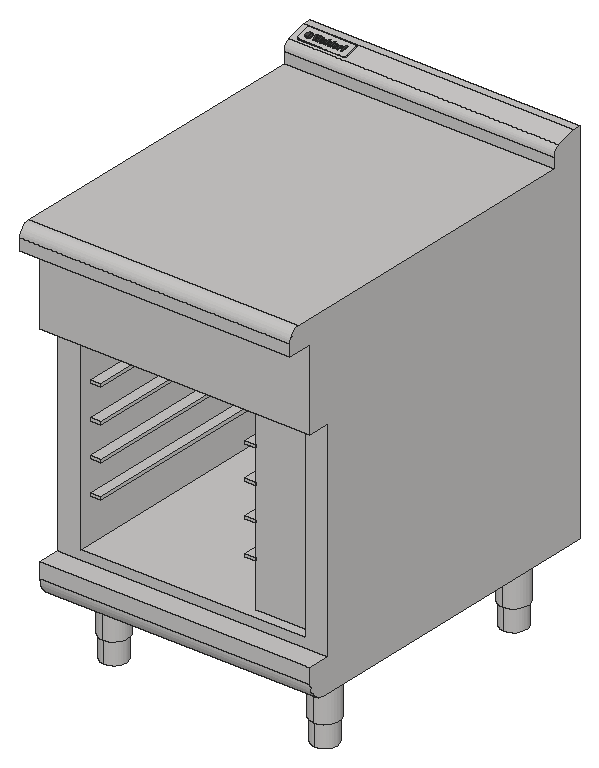
Revit family "QF_MOFFAT WALDORF_BTL8600-CB", category Specialty Equipment, Revit 2012
Parameters
  Weight in Pounds = 130.0726  # constant formula
  Width [instance] = 600.00 mm  # constant formula
  URL Cutsheet = "www.moffat.com"
  URL = "www.moffat.com"
  Type Mark [instance] = ""
  Status [instance] = ""
  Specification by User [instance] = ""
  Specification by Manufacturer = ""
  Show Logo [instance] = yes
  Show Casters [instance] = no
  Serial Number = ""
  Seismic Rating = ""
  SMACNA No = ""
  Revision Code [instance] = ""
  Omniclass Number and Title = ""
  NAFEM Spec ID Number = ""
  Model = "BTL8600-CB"
  Masterspec = ""
  Manufacturer = "MOFFAT WALDORF"
  Legs [instance] = not(Show Casters)  # yes
  Item Number [instance] = ""
  Installed By [instance] = ""
  Identify Quantity as Lot [instance] = yes
  Height = 972.00 mm  # constant formula
  Furnished By [instance] = ""
  Foodservice Equipment Identifier [instance] = yes
  Description = "BENCH TOP LOW SPLASHBACK ON CABINET BASE"
  Depth [instance] = 805.00 mm  # constant formula
  CSI MasterFormat = ""
  CSI Master Format = ""
  Back Splash [instance] = 215.00 mm  # constant formula
Reference planes
  plane 1 "BACK": y = 0
  plane 2: z = 0
  plane 3 "LEFT": x = 0
  plane 4 "RIGHT": x = 600
  plane 5 "FRONT": y = -805
  plane 6 "TOP": z = 972
  plane 7 "Center Y": x = 300
  plane 8 "Center X": y = -402.5
  plane 9 "Base Height": z = 150
  plane 10: z = 915
  plane 11: x = 65
  plane 12: x = 534
  plane 13: y = -625
  plane 14: y = -100
Forms (mm)
  Extrusion 1, solid, material "QF_Finishes_Stainless Steel"
    sketch origin (0, 0, 0) x (0, 1, 0) y (0, 0, 1)
      loop
        line (-144, 222.5) -> (-749, 222.5) -> (-749, 188)
        arc (-749, 188) -> (-737.87, 161.13) -> (-711, 150) r 38
        line (-711, 150) -> (0, 150) -> (0, 972) -> (-16.5, 972) -> (-58, 960.88)
        arc (-58, 960.88) -> (-66.785, 952.095) -> (-70, 940.095) r 24
        line (-70, 940.095) -> (-70, 917) -> (-781, 917)
        arc (-781, 917) -> (-797.971, 909.971) -> (-805, 893) r 24
        line (-805, 893) -> (-805, 866) -> (-749, 866) -> (-749, 687) -> (-144, 687) -> (-144, 222.5)
    from 0 to 600
  Revolve 2, solid, material "QF_Finishes_Stainless Steel", visible <- "Legs"
    sketch origin (65, -165, 0) x (0, 1, 0) y (0, 0, 1)
      loop
        line (33.25, 150) -> (33.25, 50) -> (37.5, 50) -> (37.5, 0) -> (65, 0) -> (65, 150) -> (33.25, 150)
      axis (65, 150) -> (65, 0)
    angle from 0 to 360
  Revolve 3, solid, material "QF_Finishes_Stainless Steel"
    sketch origin (65, -735, 0) x (0, 1, 0) y (0, 0, 1)
      loop
        line (78.25, 150) -> (78.25, 50) -> (82.5, 50) -> (82.5, 0) -> (110, 0) -> (110, 150) -> (78.25, 150)
      axis (110, 150) -> (110, 0)
    angle from 0 to 360
  Revolve 4, solid, material "QF_Finishes_Stainless Steel", visible <- "Legs"
    sketch origin (534, -165, 0) x (0, 1, 0) y (0, 0, -1)
      loop
        line (33.25, -150) -> (65, -150) -> (65, 0) -> (37.5, 0) -> (37.5, -50) -> (33.25, -50) -> (33.25, -150)
      axis (65, -150) -> (65, 0)
    angle from 0 to 360
  Revolve 5, solid, material "QF_Finishes_Stainless Steel"
    sketch origin (534, -735, 0) x (0, 1, 0) y (0, 0, -1)
      loop
        line (78.25, -150) -> (110, -150) -> (110, 0) -> (82.5, 0) -> (82.5, -50) -> (78.25, -50) -> (78.25, -150)
      axis (110, -150) -> (110, 0)
    angle from 0 to 360
  Extrusion 6, solid, material "QF_Finishes_Stainless Steel"
    sketch origin (0, -70, 1085.255) x (0, 0, -1) y (1, 0, 0)
      loop
        line (400.255, 550) -> (400.255, 50) -> (842.755, 50) -> (842.755, 550) -> (400.255, 550)
      loop
        line (345.255, 0) -> (862.755, 0) -> (862.755, 600) -> (345.255, 600) -> (345.255, 0)
    from 0 to 629
  Extrusion 7, solid, material "QF_Finishes_Stainless Steel"
    sketch origin (0, -70, 1085.255) x (0, 0, -1) y (1, 0, 0)
      loop
        line (400.255, 419.5) -> (842.755, 419.5) -> (842.755, 550) -> (400.255, 550) -> (400.255, 419.5)
    from 579 to 604
  Extrusion 8, solid, material "QF_Finishes_Stainless Steel"
    sketch origin (0, -70, 1085.255) x (0, 0, -1) y (1, 0, 0)
      loop
        line (596.505, 419.19) -> (590.155, 419.19) -> (590.155, 394.19) -> (596.505, 394.19) -> (596.505, 419.19)
      loop
        line (671.505, 419.19) -> (665.155, 419.19) -> (665.155, 394.19) -> (671.505, 394.19) -> (671.505, 419.19)
      loop
        line (671.505, 50) -> (671.505, 75) -> (665.155, 75) -> (665.155, 50) -> (671.505, 50)
      loop
        line (590.155, 75) -> (590.155, 50) -> (596.505, 50) -> (596.505, 75) -> (590.155, 75)
      loop
        line (746.505, 419.19) -> (740.155, 419.19) -> (740.155, 394.19) -> (746.505, 394.19) -> (746.505, 419.19)
      loop
        line (746.505, 50) -> (746.505, 75) -> (740.155, 75) -> (740.155, 50) -> (746.505, 50)
      loop
        line (521.505, 419.19) -> (515.155, 419.19) -> (515.155, 394.19) -> (521.505, 394.19) -> (521.505, 419.19)
      loop
        line (515.155, 75) -> (515.155, 50) -> (521.505, 50) -> (521.505, 75) -> (515.155, 75)
    from 74 to 604
  Extrusion 9, void
    sketch origin (0, 0, 223) x (1, 0, 0) y (0, 1, 0)
      loop
        line (524, -87) -> (524, 0) -> (394, 0) -> (394, -39) -> (444, -87) -> (524, -87)
    from 0 to 476
Cuts and joins
  Extrusion 9 cuts Extrusion 1
  Extrusion 9 cuts Extrusion 6
  joined: Extrusion 1, Extrusion 6
  Extrusion 9 cuts Revolve 4
Lines and regions (mm)
  symbolic lines
    curve 1: line (0, 0, 0) -> (0, -805, 0)
    curve 2: line (600, 0, 0) -> (0, 0, 0)
    curve 3: line (600, -805, 0) -> (600, 0, 0)
    curve 4: line (0, -70, 0) -> (600, -70, 0)
    curve 5: line (0, -805, 0) -> (600, -805, 0)
    curve 6: line (12.5, -20.958, 0) -> (121.5, -20.958, 0)
    curve 7: line (12.5, -51.234, 0) -> (12.5, -20.958, 0)
    curve 8: line (121.5, -20.958, 0) -> (121.5, -51.234, 0)
    curve 9: line (12.5, -51.234, 0) -> (121.5, -51.234, 0)
Dimensions and locks
  equal spacing: plane 3 "LEFT", plane 7 "Center Y", plane 4 "RIGHT"
  "Width": plane 3 "LEFT" to plane 4 "RIGHT"
  equal spacing: plane 5 "FRONT", plane 8 "Center X", plane 1 "BACK"
  "Depth": plane 5 "FRONT" to plane 1 "BACK"
  locked: plane 10 to level at 915
  locked: plane 9 "Base Height" to level at 150
  nested 1 to plane 6 "TOP" to nested 1 to plane 10 = 0.882 mm, 7.954 mm, 49.046 mm
  plane 13 to plane 14 = 525.00 mm
  plane 12 to plane 11 = 469.00 mm
  "Height": plane 6 "TOP" to level
  aligned and locked: level to plane 2
Automatic sketch dimensions
  Revolve 2 sketch curve to plane 9 "Base Height" = 0.00 mm
  Revolve 2 sketch curve to level = 0.00 mm
  level to Revolve 2 sketch curve = 50.00 mm
  plane 1 "BACK" to Revolve 2 sketch curve = 131.75 mm
  Revolve 2 sketch curve to Revolve 2 sketch curve = 4.25 mm
  Revolve 2 sketch curve to Revolve 2 sketch curve = 27.50 mm  (x2)
  Revolve 2 sketch curve to level = 55.00 mm
  Revolve 2 sketch curve to Revolve 2 sketch curve = 0.00 mm
  Revolve 3 sketch curve to plane 9 "Base Height" = 0.00 mm
  Revolve 3 sketch curve to level = 0.00 mm
  level to Revolve 3 sketch curve = 50.00 mm
  Revolve 3 sketch curve to plane 5 "FRONT" = 148.25 mm
  Revolve 3 sketch curve to Revolve 3 sketch curve = 4.25 mm
  Revolve 3 sketch curve to Revolve 3 sketch curve = 27.50 mm  (x2)
  Revolve 3 sketch curve to level = 55.00 mm
  Revolve 3 sketch curve to Revolve 3 sketch curve = 0.00 mm
  Revolve 4 sketch curve to plane 9 "Base Height" = 0.00 mm
  Revolve 4 sketch curve to level = 0.00 mm
  level to Revolve 4 sketch curve = 50.00 mm
  plane 1 "BACK" to Revolve 4 sketch curve = 131.75 mm
  Revolve 4 sketch curve to Revolve 4 sketch curve = 4.25 mm
  Revolve 4 sketch curve to Revolve 4 sketch curve = 27.50 mm  (x2)
  Revolve 4 sketch curve to Revolve 4 sketch curve = 0.00 mm
  Revolve 4 sketch curve to Revolve 4 sketch curve = 55.00 mm
  Revolve 5 sketch curve to plane 9 "Base Height" = 0.00 mm
  Revolve 5 sketch curve to level = 0.00 mm
  level to Revolve 5 sketch curve = 50.00 mm
  Revolve 5 sketch curve to plane 5 "FRONT" = 148.25 mm
  Revolve 5 sketch curve to Revolve 5 sketch curve = 4.25 mm
  Revolve 5 sketch curve to Revolve 5 sketch curve = 27.50 mm  (x2)
  Revolve 5 sketch curve to Revolve 5 sketch curve = 0.00 mm
  Revolve 5 sketch curve to Revolve 5 sketch curve = 55.00 mm
  Extrusion 7 sketch curve to Extrusion 7 sketch curve = 130.50 mm
  Extrusion 8 sketch curve to Extrusion 8 sketch curve = 6.35 mm  (x8)
  Extrusion 8 sketch curve to Extrusion 8 sketch curve = 68.65 mm  (x6)
  Extrusion 8 sketch curve to Extrusion 8 sketch curve = 25.00 mm  (x8)
  Extrusion 8 sketch curve to Extrusion 8 sketch curve = 0.00 mm  (x4)
  plane 1 "BACK" to curve 1 = 0.00 mm
  curve 1 to plane 3 "LEFT" = 0.00 mm
  curve 3 to plane 4 "RIGHT" = 0.00 mm
  plane 5 "FRONT" to curve 5 = 0.00 mm
  plane 3 "LEFT" to curve 6 = 12.50 mm
  plane 11 to curve 9 = 56.50 mm
  plane 14 to curve 4 = 30.00 mm
  curve 4 to curve 7 = 18.766 mm
  plane 1 "BACK" to curve 6 = 20.958 mm
  plane 1 "BACK" to Extrusion 9 sketch curve = 0.00 mm
  plane 1 "BACK" to Extrusion 9 sketch curve = 39.00 mm
  plane 4 "RIGHT" to Extrusion 9 sketch curve = 206.00 mm
  plane 14 to Extrusion 9 sketch curve = 13.00 mm
  Extrusion 9 sketch curve to Extrusion 9 sketch curve = 50.00 mm
  Extrusion 9 sketch curve to Extrusion 9 sketch curve = 80.00 mm
  Extrusion 6 sketch curve to plane 3 "LEFT" = 0.00 mm
  plane 4 "RIGHT" to Extrusion 6 sketch curve = 0.00 mm
  Extrusion 6 sketch curve to plane 10 = 175.00 mm
  Extrusion 6 sketch curve to plane 12 = 16.00 mm
  Extrusion 6 sketch curve to Extrusion 6 sketch curve = 55.00 mm
  plane 9 "Base Height" to Extrusion 6 sketch curve = 92.50 mm
  Extrusion 6 sketch curve to Extrusion 6 sketch curve = 20.00 mm
  Extrusion 6 sketch curve to plane 11 = 15.00 mm
  Extrusion 7 sketch curve to plane 12 = 16.00 mm
  Extrusion 7 sketch curve to plane 10 = 230.00 mm
  plane 9 "Base Height" to Extrusion 7 sketch curve = 92.50 mm
  Extrusion 8 sketch curve to plane 11 = 15.00 mm  (x4)
  Extrusion 8 sketch curve to plane 10 = 344.90 mm
  plane 12 to Extrusion 8 sketch curve = 114.81 mm
  Extrusion 1 sketch curve to plane 5 "FRONT" = 0.00 mm
  plane 10 to Extrusion 1 sketch curve = 2.00 mm
  Extrusion 1 sketch curve to plane 9 "Base Height" = 0.00 mm
  Extrusion 1 sketch curve to plane 6 "TOP" = 0.00 mm
  Extrusion 1 sketch curve to plane 1 "BACK" = 0.00 mm
  Extrusion 1 sketch curve to plane 5 "FRONT" = 24.00 mm
  Extrusion 1 sketch curve to plane 5 "FRONT" = 56.00 mm  (x2)
  Extrusion 1 sketch curve to Extrusion 1 sketch curve = 38.00 mm
  Extrusion 1 sketch curve to plane 14 = 44.00 mm
  Extrusion 1 sketch curve to plane 6 "TOP" = 11.12 mm
  Extrusion 1 sketch curve to Extrusion 1 sketch curve = 12.00 mm  (x2)
  plane 1 "BACK" to Extrusion 1 sketch curve = 16.50 mm
  Extrusion 1 sketch curve to Extrusion 1 sketch curve = 34.50 mm
  Extrusion 1 sketch curve to Extrusion 1 sketch curve = 206.00 mm
  Extrusion 1 sketch curve to Extrusion 1 sketch curve = 27.00 mm
  plane 14 to Extrusion 1 sketch curve = 30.00 mm
Nested families
  nested 1: "WALDORF-LOGO" at (12.5, -35.273, 938.69), visible <- "Show Logo", type "WALDORF-LOGO", detail levels medium+fine
    with Type Mark "", Status "", Specification by User "", Revision Code "", Item Number "", Installed By "", Identify Quantity as Lot yes, Furnished By "", Foodservice Equipment Identifier yes
  nested 2: "BTL8600-CB-CASTERS" at (65, -100, 0), Show Casters <- "Show Casters", visible <- "Show Casters", type "BTL8600-CB-CASTERS"
    with Type Mark "", Status "", Specification by User "", Show Casters no, Revision Code "", Item Number "", Installed By "", Identify Quantity as Lot yes, Furnished By "", Foodservice Equipment Identifier yes
  nested 3: "BTL8600-CB-CASTERS" at (533.489, -100, 0), Show Casters <- "Show Casters", visible <- "Show Casters", type "BTL8600-CB-CASTERS"
    with Type Mark "", Status "", Specification by User "", Show Casters no, Revision Code "", Item Number "", Installed By "", Identify Quantity as Lot yes, Furnished By "", Foodservice Equipment Identifier yes
Definition of nested family "WALDORF-LOGO"
  Parameters (values of type "WALDORF-LOGO")
    Weight in Pounds = 0
    URL Cutsheet = ""
    Type Mark [instance] = ""
    Status [instance] = ""
    Specification by User [instance] = ""
    Specification by Manufacturer = ""
    Show Logo [instance] = yes
    Serial Number = ""
    Seismic Rating = ""
    SMACNA No = ""
    Revision Code [instance] = ""
    Omniclass Number and Title = ""
    NAFEM Spec ID Number = ""
    Masterspec = ""
    Item Number [instance] = ""
    Installed By [instance] = ""
    Identify Quantity as Lot [instance] = yes
    Furnished By [instance] = ""
    Foodservice Equipment Identifier [instance] = yes
    CSI MasterFormat = ""
    CSI Master Format = ""
  Reference planes
    plane 1 "BACK": y = 0
    plane 2: z = 0
    plane 3 "LEFT": x = 0
    plane 4 "RIGHT": x = 109
    plane 5 "FRONT": y = -1.588
    plane 6 "TOP": z = 34.14
    plane 7 "Center Y": x = 54.5
    plane 8 "Center X": y = -0.794
    plane 9: through (-6096, 21.87, 34.14) normal (0, -0.2588, 0.9659)
  Forms (mm)
    Extrusion 1, solid, material "QF_Finishes_Stainless Steel", visible <- "Show Logo"
      sketch origin (0, -16.636, 23.822) x (1, 0, 0) y (0, 0.965926, 0.258819)
        loop
          arc (5, 34.14) -> (1.464, 32.676) -> (0, 29.14) r 5
          line (0, 29.14) -> (0, 5)
          arc (0, 5) -> (1.464, 1.464) -> (5, 0) r 5
          line (5, 0) -> (104, 0)
          arc (104, 0) -> (107.536, 1.464) -> (109, 5) r 5
          line (109, 5) -> (109, 29.14)
          arc (109, 29.14) -> (107.536, 32.676) -> (104, 34.14) r 5
          line (104, 34.14) -> (5, 34.14)
      from 0 to 1.588
    Extrusion 2, solid, material "QF_Finishes_Black", visible <- "Show Logo"
      sketch origin (0, -17.047, 25.356) x (1, 0, 0) y (0, 0.965926, 0.258819)
        loop
          line (24.772, 23.214) -> (27.992, 10.301) -> (31.551, 10.301) -> (33.443, 17.364) -> (35.205, 10.301) -> (39.332, 10.301) -> (42.077, 23.214) -> (38.352, 23.214) -> (36.676, 15.33) -> (35, 23.214) -> (31.752, 23.214) -> (30.076, 15.33) -> (28.4, 23.214) -> (24.772, 23.214)
        loop
          line (42.272, 17.055) -> (45.703, 17.055)
          spline (45.703, 17.055) -> (45.741, 17.285) -> (45.852, 17.499) -> (46.028, 17.682) -> (46.258, 17.823) -> (46.526, 17.912) -> (46.813, 17.942) -> (47.1, 17.912) -> (47.368, 17.823) -> (47.597, 17.682) -> (47.774, 17.499) -> (47.884, 17.285) -> (47.922, 17.055)
          line (47.922, 17.055) -> (47.922, 16.222)
          arc (47.922, 16.222) -> (45.742, 16.014) -> (43.665, 15.317) r 9.604
          arc (43.665, 15.317) -> (41.924, 12.809) -> (43.665, 10.301) r 2.677
          arc (43.665, 10.301) -> (45.527, 10.353) -> (47.332, 10.816) r 8.365
          line (47.332, 10.816) -> (48.092, 11.105) -> (48.092, 10.301) -> (51.817, 10.301) -> (51.817, 17.055)
          spline (51.817, 17.055) -> (51.654, 17.821) -> (51.178, 18.535) -> (50.419, 19.148) -> (49.431, 19.619) -> (48.28, 19.914) -> (47.044, 20.015) -> (45.809, 19.914) -> (44.658, 19.619) -> (43.67, 19.148) -> (42.911, 18.535) -> (42.434, 17.821) -> (42.272, 17.055)
        loop
          line (53.151, 23.214) -> (53.151, 10.301) -> (57.37, 10.301) -> (57.37, 23.214) -> (53.151, 23.214)
        loop
          line (64.874, 23.214) -> (64.874, 18.857)
          arc (64.874, 18.857) -> (58.083, 15.11) -> (64.874, 11.363) r 4.429
          line (64.874, 11.363) -> (64.874, 10.301) -> (68.378, 10.301) -> (68.378, 23.214) -> (64.874, 23.214)
        loop
          arc (64.874, 16.083) -> (61.41, 14.987) -> (64.874, 13.891) r 1.905
          line (64.874, 13.891) -> (64.874, 16.083)
        loop
          circle (74.623, 15.223) r 5
        loop
          spline (74.623, 17.856) -> (74.355, 17.766) -> (74.105, 17.503) -> (73.891, 17.084) -> (73.726, 16.539) -> (73.623, 15.904) -> (73.588, 15.223) -> (73.623, 14.541) -> (73.726, 13.906) -> (73.891, 13.361) -> (74.105, 12.942) -> (74.355, 12.679) -> (74.623, 12.59)
          spline (74.623, 12.59) -> (74.891, 12.679) -> (75.141, 12.942) -> (75.355, 13.361) -> (75.52, 13.906) -> (75.623, 14.541) -> (75.659, 15.223) -> (75.623, 15.904) -> (75.52, 16.539) -> (75.355, 17.084) -> (75.141, 17.503) -> (74.891, 17.766) -> (74.623, 17.856)
        loop
          line (81.255, 19.813) -> (81.255, 10.301) -> (84.834, 10.301) -> (84.834, 14.176)
          arc (84.834, 14.176) -> (85.854, 16.093) -> (88.013, 16.32) r 2.313
          line (88.013, 16.32) -> (88.013, 19.813) -> (87.161, 19.813)
          arc (87.161, 19.813) -> (85.526, 19.266) -> (84.549, 17.844) r 2.717
          line (84.549, 17.844) -> (84.549, 19.813) -> (81.255, 19.813)
        loop
          line (90.249, 19.813) -> (88.91, 19.813) -> (88.91, 17.614) -> (90.249, 17.614) -> (90.249, 10.301) -> (93.998, 10.301) -> (93.998, 17.614) -> (95.418, 17.614) -> (95.418, 19.813) -> (93.998, 19.813)
          arc (93.998, 19.813) -> (94.414, 20.817) -> (95.418, 21.233) r 1.42
          line (95.418, 21.233) -> (95.418, 23.602) -> (93.317, 23.602)
          arc (93.317, 23.602) -> (91.343, 22.903) -> (90.249, 21.118) r 3.137
          line (90.249, 21.118) -> (90.249, 19.813)
        loop
          arc (15.241, 23.571) -> (8.392, 16.525) -> (15.241, 9.479) r 7.049
          line (15.241, 9.479) -> (15.241, 23.571)
        loop
          line (15.641, 23.571) -> (15.641, 9.479)
          arc (15.641, 9.479) -> (22.49, 16.525) -> (15.641, 23.571) r 7.049
        loop
          arc (47.922, 14.711) -> (46.266, 13.749) -> (47.922, 12.787) r 1.107
          line (47.922, 12.787) -> (47.922, 14.711)
      from 0 to 0.2
  Dimensions and locks
    equal spacing: plane 3 "LEFT", plane 7 "Center Y", plane 4 "RIGHT"
    plane 3 "LEFT" to plane 4 "RIGHT" = 109.00 mm
    equal spacing: plane 5 "FRONT", plane 8 "Center X", plane 1 "BACK"
    plane 5 "FRONT" to plane 1 "BACK" = 1.588 mm
    aligned and locked: level to plane 2
  Automatic sketch dimensions
    Extrusion 1 sketch curve to plane 3 "LEFT" = 0.00 mm
    Extrusion 1 sketch curve to plane 4 "RIGHT" = 0.00 mm
    plane 3 "LEFT" to Extrusion 1 sketch curve = 5.00 mm  (x2)
    plane 4 "RIGHT" to Extrusion 1 sketch curve = 5.00 mm  (x2)
    Extrusion 1 sketch curve to Extrusion 1 sketch curve = 24.14 mm
    Extrusion 2 sketch curve to Extrusion 2 sketch curve = 0.00 mm  (x14)
    Extrusion 2 sketch curve to Extrusion 1 = 15.241 mm
    Extrusion 2 sketch curve to Extrusion 2 sketch curve = 0.20 mm
    Extrusion 2 sketch curve to Extrusion 2 sketch curve = 0.40 mm
    Extrusion 2 sketch curve to Extrusion 2 sketch curve = 9.131 mm
    Extrusion 2 sketch curve to Extrusion 1 = 10.301 mm  (x2)
    Extrusion 2 sketch curve to Extrusion 2 sketch curve = 12.351 mm
    Extrusion 2 sketch curve to Extrusion 2 sketch curve = 3.628 mm
    Extrusion 2 sketch curve to Extrusion 2 sketch curve = 2.084 mm
    Extrusion 2 sketch curve to Extrusion 2 sketch curve = 3.559 mm
    Extrusion 2 sketch curve to Extrusion 1 = 10.926 mm  (x2)
    Extrusion 2 sketch curve to Extrusion 2 sketch curve = 3.352 mm  (x2)
    Extrusion 2 sketch curve to Extrusion 2 sketch curve = 3.367 mm
    Extrusion 2 sketch curve to Extrusion 2 sketch curve = 3.249 mm
    Extrusion 2 sketch curve to Extrusion 2 sketch curve = 3.654 mm
    Extrusion 2 sketch curve to Extrusion 1 = 15.33 mm
    Extrusion 2 sketch curve to Extrusion 2 sketch curve = 3.233 mm
    Extrusion 2 sketch curve to Extrusion 2 sketch curve = 4.128 mm
    Extrusion 2 sketch curve to Extrusion 2 sketch curve = 3.725 mm
    Extrusion 2 sketch curve to Extrusion 2 sketch curve = 5.596 mm
    Extrusion 2 sketch curve to Extrusion 2 sketch curve = 4.333 mm
    Extrusion 2 sketch curve to Extrusion 2 sketch curve = 1.394 mm
    Extrusion 2 sketch curve to Extrusion 2 sketch curve = 2.092 mm
    Extrusion 2 sketch curve to Extrusion 2 sketch curve = 0.936 mm
    Extrusion 2 sketch curve to Extrusion 2 sketch curve = 1.34 mm
    Extrusion 2 sketch curve to Extrusion 2 sketch curve = 1.109 mm
    Extrusion 2 sketch curve to Extrusion 2 sketch curve = 0.232 mm
    Extrusion 2 sketch curve to Extrusion 2 sketch curve = 2.731 mm
    Extrusion 2 sketch curve to Extrusion 2 sketch curve = 0.549 mm  (x2)
    Extrusion 2 sketch curve to Extrusion 2 sketch curve = 0.407 mm
    Extrusion 2 sketch curve to Extrusion 2 sketch curve = 0.76 mm
    Extrusion 2 sketch curve to Extrusion 2 sketch curve = 1.334 mm
    Extrusion 2 sketch curve to Extrusion 2 sketch curve = 4.219 mm
    Extrusion 2 sketch curve to Extrusion 2 sketch curve = 5.142 mm
    Extrusion 2 sketch curve to Extrusion 2 sketch curve = 0.803 mm
    Extrusion 2 sketch curve to Extrusion 2 sketch curve = 1.558 mm
    Extrusion 2 sketch curve to Extrusion 2 sketch curve = 3.504 mm
    Extrusion 2 sketch curve to Extrusion 2 sketch curve = 6.245 mm
    Extrusion 2 sketch curve to Extrusion 2 sketch curve = 6.632 mm
    Extrusion 2 sketch curve to Extrusion 2 sketch curve = 3.294 mm
    Extrusion 2 sketch curve to Extrusion 2 sketch curve = 3.579 mm
    Extrusion 2 sketch curve to Extrusion 2 sketch curve = 2.313 mm
    Extrusion 2 sketch curve to Extrusion 2 sketch curve = 2.612 mm
    Extrusion 2 sketch curve to Extrusion 2 sketch curve = 0.852 mm
    Extrusion 2 sketch curve to Extrusion 2 sketch curve = 0.897 mm
    Extrusion 2 sketch curve to Extrusion 2 sketch curve = 3.102 mm
    Extrusion 2 sketch curve to Extrusion 2 sketch curve = 1.338 mm
    Extrusion 2 sketch curve to Extrusion 2 sketch curve = 3.068 mm
    Extrusion 2 sketch curve to Extrusion 2 sketch curve = 0.681 mm
    Extrusion 2 sketch curve to Extrusion 2 sketch curve = 3.749 mm
    Extrusion 2 sketch curve to Extrusion 2 sketch curve = 1.42 mm
    Extrusion 2 sketch curve to Extrusion 2 sketch curve = 5.029 mm  (x2)
    Extrusion 2 sketch curve to Extrusion 1 = 9.479 mm
    Extrusion 2 sketch curve to Extrusion 2 sketch curve = 3.681 mm
    Extrusion 2 sketch curve to Extrusion 2 sketch curve = 0.515 mm
    Extrusion 2 sketch curve to Extrusion 2 sketch curve = 0.804 mm
    Extrusion 2 sketch curve to Extrusion 2 sketch curve = 1.062 mm
    Extrusion 2 sketch curve to Extrusion 2 sketch curve = 1.682 mm
    Extrusion 2 sketch curve to Extrusion 2 sketch curve = 2.508 mm
    Extrusion 2 sketch curve to Extrusion 2 sketch curve = 0.962 mm
    Extrusion 2 sketch curve to Extrusion 2 sketch curve = 2.528 mm
    Extrusion 2 sketch curve to Extrusion 2 sketch curve = 3.875 mm
    Extrusion 2 sketch curve to Extrusion 2 sketch curve = 1.096 mm
    Extrusion 2 sketch curve to Extrusion 2 sketch curve = 0.123 mm
    Extrusion 2 sketch curve to Extrusion 2 sketch curve = 4.922 mm
    Extrusion 2 sketch curve to Extrusion 2 sketch curve = 7.046 mm
    Extrusion 2 sketch curve to Extrusion 2 sketch curve = 0.833 mm
    Extrusion 2 sketch curve to Extrusion 2 sketch curve = 0.776 mm
    Extrusion 2 sketch curve to Extrusion 2 sketch curve = 2.034 mm
    Extrusion 2 sketch curve to Extrusion 2 sketch curve = 7.314 mm
    Extrusion 2 sketch curve to Extrusion 2 sketch curve = 1.295 mm
    Extrusion 2 sketch curve to Extrusion 2 sketch curve = 0.749 mm
    Extrusion 2 sketch curve to Extrusion 2 sketch curve = 2.633 mm
    Extrusion 2 sketch curve to Extrusion 2 sketch curve = 2.198 mm  (x2)
    Extrusion 2 sketch curve to Extrusion 2 sketch curve = 1.968 mm
    Extrusion 2 sketch curve to Extrusion 2 sketch curve = 0.653 mm
    Extrusion 2 sketch curve to Extrusion 2 sketch curve = 1.305 mm
    Extrusion 2 sketch curve to Extrusion 2 sketch curve = 4.357 mm
    Extrusion 2 sketch curve to Extrusion 2 sketch curve = 6.159 mm
    radius of Extrusion 2 sketch curve = 5.00 mm
Definition of nested family "BTL8600-CB-CASTERS"
  Parameters (values of type "BTL8600-CB-CASTERS")
    Weight = ""
    URL Manufacturer = ""
    URL Cutsheet = ""
    URL = ""
    Type Mark [instance] = ""
    Status [instance] = ""
    Specification by User [instance] = ""
    Specification by Manufacturer = ""
    Show Casters [instance] = no
    Serial Number = ""
    Seismic Rating = ""
    SMACNA No = ""
    Revision Code [instance] = ""
    Omniclass Number and Title = ""
    NAFEM Spec ID Number = ""
    Model = ""
    MasterSpec. = ""
    Manufacturer = ""
    Item Number [instance] = ""
    Installed By [instance] = ""
    Identify Quantity as Lot [instance] = yes
    Furnished By [instance] = ""
    Foodservice Equipment Identifier [instance] = yes
    Description = ""
    CSI MasterFormat = ""
    CSI Master Format = ""
    Assembly Code = ""
  Reference planes
    plane 1: z = 0
    plane 2 "RIGHT": x = 0
    plane 3 "FRONT": y = 0
    plane 4 "TOP": z = 150
  Forms (mm)
    Revolve 1, solid, material "QF_Finishes_Stainless Steel", visible <- "Show Casters"
      sketch origin (0, 56.335, 0) x (0, 1, 0) y (0, 0, 1)
        loop
          line (-56.335, 150) -> (-56.335, 141.118) -> (-23.798, 141.118) -> (-23.798, 150) -> (-56.335, 150)
        axis (-56.335, 141.118) -> (-56.335, 150)
      angle from 0 to 360
    Extrusion 2, solid, material "QF_Finishes_Stainless Steel", visible <- "Show Casters"
      sketch origin (-46.049, 56.335, 0) x (0, 1, 0) y (0, 0, 1)
        loop
          line (-85.799, 141.118) -> (-85.799, 133.498) -> (-82.136, 133.498)
          arc (-82.136, 133.498) -> (-79.344, 132.328) -> (-77.146, 130.248) r 8.432
          line (-77.146, 130.248) -> (-39.502, 49.52)
          arc (-39.502, 49.52) -> (-13.784, 46.107) -> (-5.673, 70.75) r 20.32
          arc (-5.673, 70.75) -> (-7.065, 73.611) -> (-8.887, 76.22) r 20.32
          arc (-8.887, 76.22) -> (-9.399, 85.377) -> (-6.626, 94.119) r 25.4
          line (-6.626, 94.119) -> (8.003, 121.632)
          arc (8.003, 121.632) -> (-2.347, 126.31) -> (-13.34, 129.167) r 66.802
          line (-13.34, 129.167) -> (-13.765, 133.498) -> (-26.871, 133.498) -> (-26.871, 141.118) -> (-85.799, 141.118)
      from 20.058 to 22.923
    Extrusion 3, solid, material "QF_Finishes_Stainless Steel", visible <- "Show Casters"
      sketch origin (3.326, 56.335, 0) x (0, 1, 0) y (0, 0, 1)
        loop
          line (-85.799, 141.118) -> (-85.799, 133.498) -> (-82.136, 133.498)
          arc (-82.136, 133.498) -> (-79.344, 132.328) -> (-77.146, 130.248) r 8.432
          line (-77.146, 130.248) -> (-39.502, 49.52)
          arc (-39.502, 49.52) -> (-13.784, 46.107) -> (-5.673, 70.75) r 20.32
          arc (-5.673, 70.75) -> (-7.065, 73.611) -> (-8.887, 76.22) r 20.32
          arc (-8.887, 76.22) -> (-9.399, 85.377) -> (-6.626, 94.119) r 25.4
          line (-6.626, 94.119) -> (8.003, 121.632)
          arc (8.003, 121.632) -> (-2.347, 126.31) -> (-13.34, 129.167) r 66.802
          line (-13.34, 129.167) -> (-13.765, 133.498) -> (-26.871, 133.498) -> (-26.871, 141.118) -> (-85.799, 141.118)
      from 20.058 to 22.923
    Extrusion 4, solid, material "QF_Finishes_Stainless Steel", visible <- "Show Casters"
      sketch origin (-49.224, 56.335, 0) x (0, 1, 0) y (0, 0, 1)
        loop
          line (-85.799, 141.118) -> (-85.799, 133.498) -> (-82.136, 133.498) -> (-18.877, 127.964) -> (7.14, 120.01) -> (8.003, 121.632)
          arc (8.003, 121.632) -> (-2.347, 126.31) -> (-13.34, 129.167) r 66.802
          line (-13.34, 129.167) -> (-13.765, 133.498) -> (-26.871, 133.498) -> (-26.871, 141.118) -> (-85.799, 141.118)
      from 26.098 to 72.56
    Revolve 5, solid, material "QF_Finishes_Stainless Steel", visible <- "Show Casters"
      sketch origin (-49.224, 30.821, 0) x (1, 0, 0) y (0, 0, 1)
        loop
          line (14.841, 63.604) -> (83.584, 63.604) -> (83.584, 67.109) -> (82.314, 68.379) -> (80.79, 68.379) -> (80.79, 71.826) -> (68.644, 71.826) -> (68.644, 81.79) -> (65.088, 83.843) -> (61.683, 104.879) -> (65.881, 104.879) -> (65.881, 111.229) -> (65.088, 111.229) -> (65.088, 117.579)
          arc (65.088, 117.579) -> (62.298, 124.314) -> (55.563, 127.104) r 9.525
          line (55.563, 127.104) -> (42.863, 127.104)
          arc (42.863, 127.104) -> (36.127, 124.314) -> (33.338, 117.579) r 9.525
          line (33.338, 117.579) -> (33.338, 111.229) -> (32.544, 111.229) -> (32.544, 104.879) -> (36.742, 104.879) -> (33.352, 83.932) -> (29.782, 81.871) -> (29.782, 71.826) -> (17.635, 71.826) -> (17.635, 68.379) -> (16.111, 68.379) -> (14.841, 67.109) -> (14.841, 63.604)
        axis (14.841, 63.604) -> (83.584, 63.604)
      angle from 0 to 360
  Cuts and joins
    joined: Extrusion 2, Extrusion 3, Extrusion 4
  Lines and regions (mm)
    symbolic lines, style "SpecialityEquipmentHiddenLines", visible <- "Show Casters"
      curve 1: line (18.009, 67.053, 0) -> (45.595, 51.127, 0)
      curve 2: line (-45.491, -42.932, 0) -> (18.009, 67.053, 0)
      curve 3: line (-17.905, -58.859, 0) -> (-45.491, -42.932, 0)
      curve 4: line (45.595, 51.127, 0) -> (-17.905, -58.859, 0)
  Dimensions and locks
    plane 4 "TOP" to level = 150.00 mm  (x2)
    Revolve 5 sketch curve to Revolve 5 sketch curve = 63.50 mm
    aligned and locked: level to plane 1
